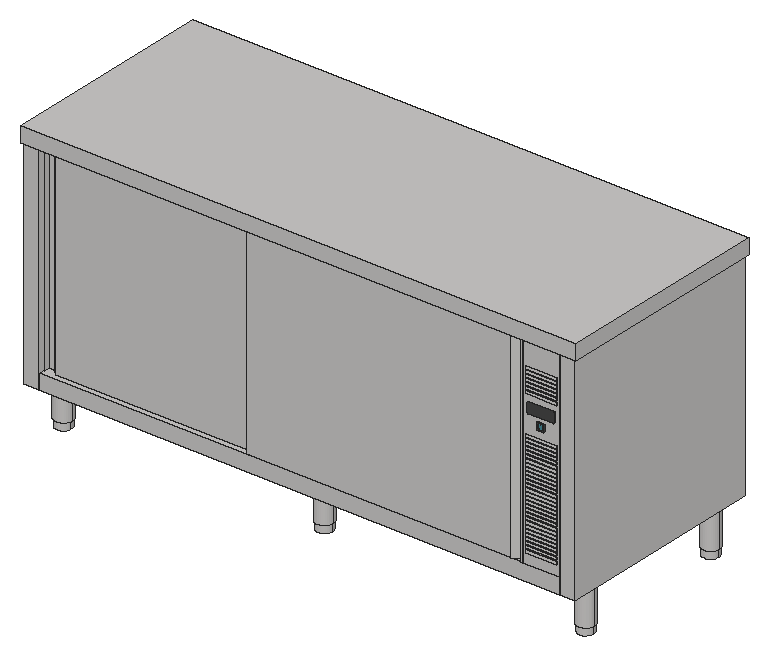
Revit family "QF_ELECTROLUXPROFESSIONAL_133091_TC1800EN", category Attrezzature speciali, Revit 2020
Family settings
  Quota connettore circolare = Usa diametro
  Tipo di parte = Normale
  Basato su piano di lavoro = No
  Sempre verticale = Sì
  Taglio con vuoti quando caricato = No
  Condiviso = No
  Punto di calcolo locali = No
Parameters (values of type "Standard")
  Weight = 70.00 kg
  Watts = 2400 W
  Volts = 220 V
  URL Manufacturer = "https://www.electroluxprofessional.com/"
  URL = "https://www.electroluxprofessional.com/"
  Steam Supply Size = 0 mm
  Steam Supply Minimum Pressure = 0.0 Pa
  Steam Supply Maximum Pressure = 0.0 Pa
  Steam Consumption per Hour = 0
  Refrigeration Suction Line Size = 0.0 mm
  Refrigeration Liquid Line Size = 0.0 mm
  Refrigerant Compressor Remote = yes
  Prospetto di default = 0.0 mm
  Produttore = "Electrolux Professional"
  Phase = 1
  Modello = "TC1800EN"
  Length Actual = 1800.0 mm  # constant formula
  Item Number = "133091"
  Hot Water Size = 0 mm
  Height Actual = 900.0 mm  # constant formula
  HP = "3.2 HP"
  Gas Size = 0 mm
  Gas KW = 0
  Gas Input Pressure = 0 W
  Direct Waste Size = 0 mm
  Descrizione = "HOT CUPBOARD 1800 MM"
  Depth Actual = 700.0 mm  # constant formula
  Cycle = 50 Hz
  Condensate Return Size = 0 mm
  Compressed Air Volume = 0.0 L/s
  Compressed Air Size = 0 mm
  Compressed Air Pressure = 0.0 Pa
  Cold Water Size = 0 mm
  Accessory = yes
Reference planes
  plane 1 "Center (Front/Back)": y = 0
  plane 2: z = 0
  plane 3 "Center (Left/Right)": x = -400
  plane 4 "LEFT": x = -1300
  plane 5 "RIGHT": x = 500
  plane 6 "BACK": y = 350
  plane 7 "FRONT": y = -350
  plane 8 "Base": z = 850
  plane 9 "TOP": z = 900
  plane 10: x = -1246.5
  plane 11: x = 446.5
  plane 12: y = 264.5
  plane 13: y = -241.5
  plane 14 "BodyLeft": x = -1294.5
  plane 15 "BodyFront": y = -344.5
  plane 16 "BodyRight": x = 494.5
  plane 17 "BodyBack": y = 344.5
  plane 18 "FEET": z = 150
  plane 19: x = 324.5
  plane 20: x = -461
  plane 21: x = 444.5
  plane 22 "EIx": x = 400
  plane 23 "EIy": y = -170
Forms (mm)
  Extrusion 1, solid, material "QF_Finishes_Stainless Steel"
    sketch origin (-400, 0, 0) x (0, 1, 0) y (0, 0, 1)
      loop
        line (-350, 850) -> (350, 850) -> (350, 900) -> (-350, 900) -> (-350, 850)
    from 900 to -900
  Extrusion 2, solid, material "QF_Finishes_Stainless Steel"
    sketch origin (0, 0, 150) x (-1, 0, 0) y (0, -1, 0)
      loop
        line (1294.5, -344.5) -> (1294.5, 344.5) -> (1244.5, 344.5) -> (1244.5, -344.5) -> (1294.5, -344.5)
      loop
        line (-444.5, -344.5) -> (-444.5, 344.5) -> (-494.5, 344.5) -> (-494.5, -344.5) -> (-444.5, -344.5)
    from 0 to 700
  Extrusion 3, solid, material "QF_Finishes_Stainless Steel"
    sketch origin (0, 0, 150) x (-1, 0, 0) y (0, -1, 0)
      loop
        line (1244.5, -344.5) -> (1244.5, 344.5) -> (-444.5, 344.5) -> (-444.5, -344.5) -> (1244.5, -344.5)
    from 0 to 50
  Extrusion 4, solid, material "QF_Finishes_Stainless Steel"
    sketch origin (-1, 0, 150) x (-1, 0, 0) y (0, -1, 0)
      loop
        line (-325.5, 344.5) -> (-325.5, 324.5) -> (570.5, 324.5) -> (570.5, 344.5) -> (-285.5, 344.5) -> (-305.5, 329.5) -> (-320.5, 329.5) -> (-320.5, 344.5) -> (-325.5, 344.5)
    from 50 to 700
  Extrusion 5, solid, material "QF_Finishes_Stainless Steel"
    sketch origin (1, 20, 150) x (1, 0, 0) y (0, 1, 0)
      loop
        line (-1245.5, -344.5) -> (-1240.5, -344.5) -> (-1240.5, -329.5) -> (-1225.5, -329.5) -> (-1205.5, -344.5) -> (-351.5, -344.5) -> (-351.5, -324.5) -> (-1245.5, -324.5) -> (-1245.5, -344.5)
    from 50 to 700
  Extrusion 6, solid, material "QF_Finishes_Stainless Steel"
    sketch origin (0, 0, 0) x (1, 0, 0) y (0, 1, 0)
      loop
        line (-1244.5, -304.5) -> (324.5, -304.5) -> (324.5, 324.5) -> (-1244.5, 324.5) -> (-1244.5, -304.5)
    from 500 to 540
  Extrusion 7, solid, material "QF_Finishes_Stainless Steel"
    sketch origin (0, 0, 0) x (1, 0, 0) y (0, 1, 0)
      loop
        line (444.5, 344.5) -> (-1244.5, 344.5) -> (-1244.5, 324.5) -> (444.5, 324.5) -> (444.5, 344.5)
    from 200 to 850
  Extrusion 8, solid, material "QF_Finishes_Stainless Steel"
    sketch origin (0, 0, 150) x (-1, 0, 0) y (0, -1, 0)
      loop
        circle (-400, 170) r 10
    from 0 to -5
Cuts and joins
  joined: Extrusion 3, Extrusion 7
Lines and regions (mm)
  symbolic lines
    curve 1: line (500, 350, 900) -> (-1300, 350, 900)
    curve 2: line (-1300, 350, 900) -> (-1300, -350, 900)
    curve 3: line (-1300, -350, 900) -> (500, -350, 900)
    curve 4: line (500, -350, 900) -> (500, 350, 900)
  symbolic lines, style "SpecialityEquipmentHiddenLines"
    curve 5: line (-1294.5, 344.5, 150) -> (494.5, 344.5, 150)
    curve 6: line (-1294.5, -344.5, 150) -> (-1294.5, 344.5, 150)
    curve 7: line (494.5, -344.5, 150) -> (-1294.5, -344.5, 150)
    curve 8: line (494.5, 344.5, 150) -> (494.5, -344.5, 150)
    curve 9: line (-1245.5, -304.5, 150) -> (-349.5, -304.5, 150)
    curve 10: line (-349.5, -304.5, 150) -> (-349.5, -324.5, 150)
    curve 11: line (-1245.5, -324.5, 150) -> (324.5, -324.5, 150)
    curve 12: line (324.5, -324.5, 150) -> (324.5, -344.5, 150)
    curve 13: line (-1245.5, -304.5, 150) -> (-1245.5, -324.5, 150)
    curve 14: line (-571.5, -344.5, 0) -> (-571.5, -324.5, 0)
Dimensions and locks
  plane 4 "LEFT" to plane 5 "RIGHT" = 1800.0 mm
  equal spacing: plane 4 "LEFT", plane 3 "Center (Left/Right)", plane 5 "RIGHT"
  locked: plane 8 "Base" to level at 850
  plane 9 "TOP" to level = 900.0 mm
  plane 6 "BACK" to plane 7 "FRONT" = 700.0 mm
  equal spacing: plane 6 "BACK", plane 1 "Center (Front/Back)", plane 7 "FRONT"
  locked: plane 4 "LEFT" to plane 14 "BodyLeft" at 5.5
  locked: plane 16 "BodyRight" to plane 5 "RIGHT" at 5.5
  locked: plane 15 "BodyFront" to plane 7 "FRONT" at 5.5
  locked: plane 6 "BACK" to plane 17 "BodyBack" at 5.5
  locked: plane 14 "BodyLeft" to plane 10 at 48
  locked: plane 11 to plane 16 "BodyRight" at 48
  locked: plane 13 to plane 15 "BodyFront" at 103
  locked: plane 17 "BodyBack" to plane 12 at 80
  plane 10 to plane 11 = 1693.0 mm
  plane 12 to plane 13 = 506.0 mm
  locked: plane 14 "BodyLeft" to Extrusion 2 sketch curve at 50
  locked: Extrusion 2 sketch curve to Extrusion 2 sketch curve at 50
  equal spacing: plane 10, plane 20, plane 19
  locked: plane 21 to plane 16 "BodyRight" at 50
  locked: plane 19 to plane 21 at 120
  locked: Extrusion 4 sketch curve to plane 20 at 110.5
  locked: plane 20 to Extrusion 5 sketch curve at 110.5
  locked: plane 18 "FEET" to level at 150
  locked: plane 22 "EIx" to plane 5 "RIGHT" at 100
  plane 23 "EIy" to plane 7 "FRONT" = 180.0 mm
  aligned and locked: level to plane 2
  aligned and locked: plane 10 to nested 1
  aligned and locked: nested 1 to plane 13
  aligned and locked: plane 11 to nested 2
  aligned and locked: nested 2 to plane 13
  aligned and locked: plane 11 to nested 4
  aligned and locked: nested 4 to plane 12
  aligned and locked: plane 10 to nested 3
  aligned and locked: nested 3 to plane 12
  aligned and locked: Extrusion 1 to plane 4 "LEFT"
  aligned and locked: plane 5 "RIGHT" to Extrusion 1
  aligned and locked: curve 2 to plane 4 "LEFT"
  aligned and locked: plane 17 "BodyBack" to Extrusion 2 sketch curve
  aligned and locked: Extrusion 2 sketch curve to plane 15 "BodyFront"
  aligned and locked: Extrusion 2 sketch curve to plane 14 "BodyLeft"
  aligned and locked: plane 16 "BodyRight" to Extrusion 2 sketch curve
  aligned and locked: Extrusion 2 sketch curve to plane 17 "BodyBack"
  aligned and locked: plane 15 "BodyFront" to Extrusion 2 sketch curve
  aligned and locked: Extrusion 3 sketch curve to plane 17 "BodyBack"
  aligned and locked: plane 15 "BodyFront" to Extrusion 3 sketch curve
  aligned and locked: plane 8 "Base" to Extrusion 2
  aligned and locked: plane 8 "Base" to Extrusion 4
  aligned and locked: Extrusion 4 to Extrusion 3
  aligned and locked: Extrusion 1 to plane 8 "Base"
  aligned and locked: plane 9 "TOP" to Extrusion 1
  aligned and locked: curve 5 to plane 17 "BodyBack"
  aligned and locked: plane 14 "BodyLeft" to curve 6
  aligned and locked: plane 15 "BodyFront" to curve 7
  aligned and locked: plane 16 "BodyRight" to curve 8
  aligned and locked: Extrusion 3 to Extrusion 2  (x2)
  aligned and locked: Extrusion 6 sketch curve to Extrusion 2
  aligned and locked: Extrusion 6 sketch curve to Extrusion 5
  aligned and locked: nested 5 to plane 21
  aligned and locked: Extrusion 7 sketch curve to Extrusion 2
  aligned and locked: Extrusion 6 sketch curve to plane 19
  aligned and locked: plane 3 "Center (Left/Right)" to nested 6
  aligned and locked: plane 3 "Center (Left/Right)" to nested 7
Automatic sketch dimensions
  curve 14 to plane 15 "BodyFront" = 0.0 mm
  plane 15 "BodyFront" to curve 14 = 20.0 mm
  curve 14 to plane 20 = 110.5 mm
  curve 3 to plane 7 "FRONT" = 0.0 mm
  curve 4 to plane 6 "BACK" = 0.0 mm
  Extrusion 1 sketch curve to plane 7 "FRONT" = 0.0 mm
  Extrusion 1 sketch curve to plane 6 "BACK" = 0.0 mm
  Extrusion 1 sketch curve to plane 8 "Base" = 0.0 mm
  Extrusion 1 sketch curve to plane 9 "TOP" = 0.0 mm
  Extrusion 3 sketch curve to plane 21 = 0.0 mm
  plane 10 to Extrusion 3 sketch curve = 2.0 mm
  Extrusion 4 sketch curve to plane 19 = 0.0 mm
  Extrusion 4 sketch curve to plane 15 "BodyFront" = 0.0 mm  (x2)
  Extrusion 4 sketch curve to Extrusion 4 sketch curve = 5.0 mm
  Extrusion 4 sketch curve to Extrusion 4 sketch curve = 15.0 mm  (x2)
  Extrusion 4 sketch curve to Extrusion 4 sketch curve = 20.0 mm  (x2)
  Extrusion 5 sketch curve to plane 15 "BodyFront" = 20.0 mm  (x2)
  Extrusion 5 sketch curve to plane 10 = 42.0 mm
  Extrusion 5 sketch curve to plane 10 = 22.0 mm
  Extrusion 5 sketch curve to plane 10 = 7.0 mm
  Extrusion 5 sketch curve to plane 10 = 2.0 mm
  Extrusion 5 sketch curve to Extrusion 5 sketch curve = 15.0 mm
  Extrusion 5 sketch curve to Extrusion 5 sketch curve = 20.0 mm
  plane 21 to curve 12 = 120.0 mm
  curve 7 to plane 15 "BodyFront" = 0.0 mm
  plane 3 "Center (Left/Right)" to curve 9 = 50.5 mm
  plane 10 to curve 11 = 1.0 mm
  plane 15 "BodyFront" to curve 9 = 40.0 mm
  curve 11 to curve 12 = 20.0 mm
  plane 12 to Extrusion 6 sketch curve = 60.0 mm
  Extrusion 7 sketch curve to plane 17 "BodyBack" = 0.0 mm
  Extrusion 7 sketch curve to plane 21 = 0.0 mm
  Extrusion 7 sketch curve to plane 17 "BodyBack" = 20.0 mm
  curve 4 to plane 5 "RIGHT" = 0.0 mm
  Extrusion 8 sketch curve to plane 22 "EIx" = 0.0 mm
  Extrusion 8 sketch curve to plane 23 "EIy" = 0.0 mm
  radius of Extrusion 8 sketch curve = 10.0 mm
Nested families
  nested 1: "FEET_D58-150" at (-1246.5, -241.5, 0), type "FEET_D58-150"
  nested 2: "FEET_D58-150" at (446.5, -241.5, 0), type "FEET_D58-150"
  nested 3: "FEET_D58-150" at (-1246.5, 264.5, 0), type "FEET_D58-150"
  nested 4: "FEET_D58-150" at (446.5, 264.5, 0), type "FEET_D58-150"
  nested 5: "WT_PNL120x650" at (531.42, -304.5, 600) x (1, 0, 0) z (0, -1, 0), type "WT_PNL120x650"
    with Show Logo yes
  nested 6: "FEET_D58-150" at (-400, -241.5, 0), type "FEET_D58-150"
  nested 7: "FEET_D58-150" at (-400, 264.5, 0), type "FEET_D58-150"
Connectors
  electrical at (400, -170, 145)
    settings: on Extrusion 8, index 1, voltage 0 V, apparent load 0 VA, apparent load phase1 0 VA, apparent load phase2 0 VA, apparent load phase3 0 VA, power factor 1, load classification "Other", number of poles 1, system type 30, power factor state 1, is connector primary yes, connector utility no, sub classification motor no, connector description "Electrical connection"
Definition of nested family "FEET_D58-150"
  Parameters
    Default Elevation = 0.0 mm
    FEET = 150.0 mm
  Reference planes
    plane 1 "Center (Front/Back)": y = 0
    plane 2: z = 0
    plane 3 "Center (Left/Right)": x = 0
    plane 4: z = 150
  Forms (mm)
    Extrusion 1, solid
      sketch origin (0, 0, 0) x (1, 0, 0) y (0, 1, 0)
        loop
          circle (0, 0) r 25
      from 0 to 25
    Extrusion 2, solid
      sketch origin (0, 0, 0) x (1, 0, 0) y (0, 1, 0)
        loop
          circle (0.061, 0) r 29
      from 25 to 150 <- "FEET"
  Lines and regions (mm)
    symbolic lines
      curve 1: line (0, -1.503, 0) -> (0, 1.508, 0)
      curve 2: line (1.561, 0, 0) -> (-1.439, 0, 0)
  Dimensions and locks
    "FEET": plane 4 to plane 2
    aligned and locked: level to plane 2
  Automatic sketch dimensions
    plane 1 "Center (Front/Back)" to Extrusion 1 sketch curve = 0.0 mm
    Extrusion 1 sketch curve to plane 3 "Center (Left/Right)" = 0.0 mm
    plane 1 "Center (Front/Back)" to curve 2 = 0.0 mm
    curve 1 to plane 3 "Center (Left/Right)" = 0.0 mm
    curve 2 to plane 3 "Center (Left/Right)" = 1.439 mm
    plane 3 "Center (Left/Right)" to curve 2 = 1.561 mm
    plane 1 "Center (Front/Back)" to curve 1 = 1.503 mm
    curve 1 to plane 1 "Center (Front/Back)" = 1.508 mm
    plane 1 "Center (Front/Back)" to Extrusion 2 sketch curve = 0.0 mm
    plane 3 "Center (Left/Right)" to Extrusion 2 sketch curve = 0.061 mm
    radius of Extrusion 1 sketch curve = 25.0 mm
    radius of Extrusion 2 sketch curve = 29.0 mm
Definition of nested family "WT_PNL120x650"
  Parameters
    Show Logo [instance] = yes
    Default Elevation = 1219.2 mm
  Reference planes
    plane 1 "Center (Front/Back)": y = -75
    plane 2: z = 0
    plane 3 "Center (Left/Right)": x = -146.92
    plane 4: x = -206.92
    plane 5: x = -86.92
    plane 6: y = 250
    plane 7: y = -400
    plane 8 "TOP": z = 40
  Forms (mm)
    Extrusion 1, solid
      sketch origin (0, 0, 0) x (1, 0, 0) y (0, 1, 0)
        loop
          line (-1219.2, 1219.2) -> (-1219.2, -1219.2) -> (1219.2, -1219.2) -> (1219.2, 1219.2) -> (-1219.2, 1219.2)
      from 0 to -304.8
    Extrusion 2, solid
      sketch origin (0, 0, 0) x (1, 0, 0) y (0, 1, 0)
        loop
          line (-206.92, 250) -> (-206.92, -400) -> (-86.92, -400) -> (-86.92, 250) -> (-206.92, 250)
      from 0 to 40
    Extrusion 3, void
      sketch origin (0, 0, 40) x (-1, 0, 0) y (0, -1, 0)
        loop
          arc (101.92, -68.899) -> (103.795, -73.256) -> (108.247, -74.89) r 6
          line (108.247, -74.89) -> (185.92, -74.89)
          arc (185.92, -74.89) -> (190.163, -73.133) -> (191.92, -68.89) r 6
          line (191.92, -68.89) -> (191.92, -45.89)
          arc (191.92, -45.89) -> (190.163, -41.648) -> (185.92, -39.89) r 6
          line (185.92, -39.89) -> (107.92, -39.89)
          arc (107.92, -39.89) -> (103.677, -41.648) -> (101.92, -45.89) r 6
          line (101.92, -45.89) -> (101.92, -68.899)
        loop
          line (158.92, -27.89) -> (158.92, -2.89) -> (134.92, -2.89) -> (134.92, -27.89) -> (158.92, -27.89)
      from -2 to 0
    Extrusion 4, solid
      sketch origin (0, 0, 40) x (-1, 0, 0) y (0, -1, 0)
        loop
          line (185.92, -39.89) -> (107.92, -39.89)
          arc (107.92, -39.89) -> (103.677, -41.648) -> (101.92, -45.89) r 6
          line (101.92, -45.89) -> (101.92, -68.899)
          arc (101.92, -68.899) -> (103.795, -73.256) -> (108.247, -74.89) r 6
          line (108.247, -74.89) -> (185.92, -74.89)
          arc (185.92, -74.89) -> (190.163, -73.133) -> (191.92, -68.89) r 6
          line (191.92, -68.89) -> (191.92, -45.89)
          arc (191.92, -45.89) -> (190.163, -41.648) -> (185.92, -39.89) r 6
      from -2 to 1
    Extrusion 5, solid
      sketch origin (-146.92, 0, 0) x (0, 1, 0) y (0, 0, 1)
        loop
          line (95.896, 40) -> (104.899, 40) -> (95.896, 41.206) -> (95.896, 40)
        loop
          line (107.896, 40) -> (116.899, 40) -> (107.896, 41.206) -> (107.896, 40)
        loop
          line (119.896, 40) -> (128.899, 40) -> (119.896, 41.206) -> (119.896, 40)
        loop
          line (131.896, 40) -> (140.899, 40) -> (131.896, 41.206) -> (131.896, 40)
        loop
          line (143.896, 40) -> (152.899, 40) -> (143.896, 41.206) -> (143.896, 40)
        loop
          line (155.896, 40) -> (164.899, 40) -> (155.896, 41.206) -> (155.896, 40)
        loop
          line (167.896, 40) -> (176.899, 40) -> (167.896, 41.206) -> (167.896, 40)
        loop
          line (-102.104, 40) -> (-93.101, 40) -> (-102.104, 41.206) -> (-102.104, 40)
        loop
          line (-90.104, 40) -> (-81.101, 40) -> (-90.104, 41.206) -> (-90.104, 40)
        loop
          line (-78.104, 40) -> (-69.101, 40) -> (-78.104, 41.206) -> (-78.104, 40)
        loop
          line (-66.104, 40) -> (-57.101, 40) -> (-66.104, 41.206) -> (-66.104, 40)
        loop
          line (-54.104, 40) -> (-45.101, 40) -> (-54.104, 41.206) -> (-54.104, 40)
        loop
          line (-42.104, 40) -> (-33.101, 40) -> (-42.104, 41.206) -> (-42.104, 40)
        loop
          line (-30.104, 40) -> (-21.101, 40) -> (-30.104, 41.206) -> (-30.104, 40)
        loop
          line (-174.104, 40) -> (-165.101, 40) -> (-174.104, 41.206) -> (-174.104, 40)
        loop
          line (-162.104, 40) -> (-153.101, 40) -> (-162.104, 41.206) -> (-162.104, 40)
        loop
          line (-150.104, 40) -> (-141.101, 40) -> (-150.104, 41.206) -> (-150.104, 40)
        loop
          line (-138.104, 40) -> (-129.101, 40) -> (-138.104, 41.206) -> (-138.104, 40)
        loop
          line (-126.104, 40) -> (-117.101, 40) -> (-126.104, 41.206) -> (-126.104, 40)
        loop
          line (-114.104, 40) -> (-105.101, 40) -> (-114.104, 41.206) -> (-114.104, 40)
        loop
          line (-246.104, 40) -> (-237.101, 40) -> (-246.104, 41.206) -> (-246.104, 40)
        loop
          line (-234.104, 40) -> (-225.101, 40) -> (-234.104, 41.206) -> (-234.104, 40)
        loop
          line (-222.104, 40) -> (-213.101, 40) -> (-222.104, 41.206) -> (-222.104, 40)
        loop
          line (-210.104, 40) -> (-201.101, 40) -> (-210.104, 41.206) -> (-210.104, 40)
        loop
          line (-198.104, 40) -> (-189.101, 40) -> (-198.104, 41.206) -> (-198.104, 40)
        loop
          line (-186.104, 40) -> (-177.101, 40) -> (-186.104, 41.206) -> (-186.104, 40)
        loop
          line (-318.104, 40) -> (-309.101, 40) -> (-318.104, 41.206) -> (-318.104, 40)
        loop
          line (-306.104, 40) -> (-297.101, 40) -> (-306.104, 41.206) -> (-306.104, 40)
        loop
          line (-294.104, 40) -> (-285.101, 40) -> (-294.104, 41.206) -> (-294.104, 40)
        loop
          line (-282.104, 40) -> (-273.101, 40) -> (-282.104, 41.206) -> (-282.104, 40)
        loop
          line (-270.104, 40) -> (-261.101, 40) -> (-270.104, 41.206) -> (-270.104, 40)
        loop
          line (-258.104, 40) -> (-249.101, 40) -> (-258.104, 41.206) -> (-258.104, 40)
        loop
          line (-366.104, 40) -> (-357.101, 40) -> (-366.104, 41.206) -> (-366.104, 40)
        loop
          line (-354.104, 40) -> (-345.101, 40) -> (-354.104, 41.206) -> (-354.104, 40)
        loop
          line (-342.104, 40) -> (-333.101, 40) -> (-342.104, 41.206) -> (-342.104, 40)
        loop
          line (-330.104, 40) -> (-321.101, 40) -> (-330.104, 41.206) -> (-330.104, 40)
      from -50 to 50
    Extrusion 6, solid
      sketch origin (0, 0, 40) x (-1, 0, 0) y (0, -1, 0)
        loop
          line (134.92, -27.89) -> (158.92, -27.89) -> (158.92, -2.89) -> (134.92, -2.89) -> (134.92, -27.89)
        loop
          circle (146.92, -15.39) r 9
      from -2 to 3
    Extrusion 7, solid
      sketch origin (0, 0, 40) x (-1, 0, 0) y (0, -1, 0)
        loop
          circle (146.92, -15.39) r 9
      from 0 to 3
  Cuts and joins
    Extrusion 3 cuts Extrusion 2
  Dimensions and locks
    equal spacing: plane 6, plane 1 "Center (Front/Back)", plane 7
    equal spacing: plane 4, plane 3 "Center (Left/Right)", plane 5
    plane 8 "TOP" to level = 40.0 mm
    aligned and locked: plane 2 to Extrusion 1
    aligned and locked: level to Extrusion 1
  Automatic sketch dimensions
    Extrusion 1 sketch curve to Extrusion 1 sketch curve = 2438.4 mm  (x2)
    Extrusion 2 sketch curve to plane 4 = 0.0 mm
    Extrusion 2 sketch curve to plane 5 = 0.0 mm
    Extrusion 2 sketch curve to plane 7 = 0.0 mm
    Extrusion 2 sketch curve to plane 6 = 0.0 mm
    Extrusion 5 sketch curve to plane 8 "TOP" = 0.0 mm  (x36)
    Extrusion 5 sketch curve to Extrusion 5 sketch curve = 9.003 mm  (x35)
    plane 8 "TOP" to Extrusion 5 sketch curve = 1.206 mm  (x22)
    Extrusion 5 sketch curve to Extrusion 5 sketch curve = 2.997 mm  (x33)
    plane 1 "Center (Front/Back)" to Extrusion 5 sketch curve = 6.101 mm
    plane 1 "Center (Front/Back)" to Extrusion 5 sketch curve = 3.104 mm
    Extrusion 5 sketch curve to plane 1 "Center (Front/Back)" = 5.899 mm
    Extrusion 5 sketch curve to Extrusion 5 sketch curve = 116.997 mm
    Extrusion 5 sketch curve to Extrusion 5 sketch curve = 1.206 mm  (x14)
    Extrusion 4 sketch curve to plane 5 = 15.0 mm
    Extrusion 4 sketch curve to Extrusion 4 sketch curve = 6.0 mm  (x3)
    Extrusion 4 sketch curve to Extrusion 4 sketch curve = 0.327 mm
    plane 4 to Extrusion 4 sketch curve = 21.0 mm  (x2)
    Extrusion 4 sketch curve to plane 1 "Center (Front/Back)" = 149.89 mm
    Extrusion 4 sketch curve to Extrusion 4 sketch curve = 23.009 mm
    Extrusion 3 sketch curve to plane 5 = 15.0 mm
    Extrusion 3 sketch curve to Extrusion 3 sketch curve = 6.0 mm  (x3)
    Extrusion 3 sketch curve to Extrusion 3 sketch curve = 0.327 mm
    plane 3 "Center (Left/Right)" to Extrusion 3 sketch curve = 12.0 mm
    Extrusion 3 sketch curve to plane 3 "Center (Left/Right)" = 12.0 mm
    plane 4 to Extrusion 3 sketch curve = 21.0 mm  (x2)
    Extrusion 3 sketch curve to plane 1 "Center (Front/Back)" = 149.89 mm
    Extrusion 3 sketch curve to Extrusion 3 sketch curve = 23.0 mm
    Extrusion 3 sketch curve to Extrusion 3 sketch curve = 12.0 mm
    Extrusion 3 sketch curve to Extrusion 3 sketch curve = 25.0 mm
    Extrusion 6 sketch curve to plane 3 "Center (Left/Right)" = 0.0 mm
    plane 3 "Center (Left/Right)" to Extrusion 6 sketch curve = 12.0 mm
    Extrusion 6 sketch curve to plane 3 "Center (Left/Right)" = 12.0 mm
    Extrusion 6 sketch curve to plane 1 "Center (Front/Back)" = 102.89 mm
    Extrusion 6 sketch curve to Extrusion 6 sketch curve = 12.5 mm  (x2)
    Extrusion 7 sketch curve to plane 3 "Center (Left/Right)" = 0.0 mm
    Extrusion 7 sketch curve to plane 1 "Center (Front/Back)" = 90.39 mm
    radius of Extrusion 6 sketch curve = 9.0 mm
    radius of Extrusion 7 sketch curve = 9.0 mm
